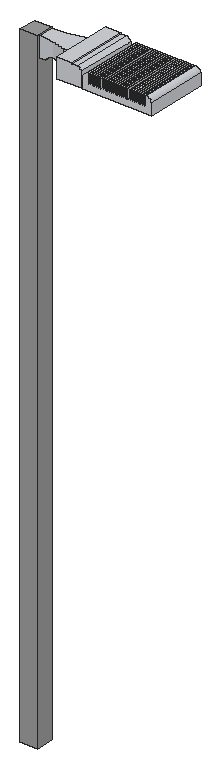
Revit family "MT", category Lighting Fixtures, Revit 2022
Family settings
  Round Connector Dimension = Use Diameter
  Part Type = Normal
  OmniClass Number = 23.80.70.00
  OmniClass Title = Lighting
  Work Plane-Based = No
  Always vertical = Yes
  Cut with Voids When Loaded = No
  Light Source = Yes
  Maintain Annotation Orientation = No
  Shared = No
  Room Calculation Point = No
Parameters (values of type "MT-150W-4000K-VW")
  Wattage Comments = "150W"
  Wattage = 127.264 W
  built-in parameter 1150110 = 1 (stored number, unit not read)
  URL = "https://www.abovealllighting.com/Product/LED-OUTDOOR-FIXTURES/LED-Area-Light/MTLEDAreaLight100W150W200W.html"
  built-in parameter 1114217 = 1 (stored number, unit not read)
  Tilt Angle = 90.00°
  built-in parameter 1150109 = 1 (stored number, unit not read)
  built-in parameter 1150134 = 12
  built-in parameter 1150113 = 1 (stored number, unit not read)
  Power Factor = "0.9"
  Pole Height [instance] = 12' - 0"
  Photometric Web File = "MT150401-VW_IESNA95.IES"
  Model = "MT150401-VW"
  Manufacturer = "Above All Lighting"  # constant formula
  built-in parameter 1150105 = 6106.3 (stored number, unit not read)
  Lumens = 18904 lm
  built-in parameter 1150115 = 1 (stored number, unit not read)
  Load Classification = Lighting
  Light Source [instance] = Pole Height - 0' 3 35/64"  # 11' - 8 29/64"
  built-in parameter 1150137 = (empty or 0)
  built-in parameter 1150139 = (empty or 0)
  built-in parameter 1150112 = 1 (stored number, unit not read)
  built-in parameter 1150114 = 1 (stored number, unit not read)
  Lamp = "LED"
  Input Voltage = "120-277V"
  built-in parameter 1150132 = 2
  built-in parameter 1150102 = (empty or 0)
  built-in parameter 1150107 = 4000 (stored number, unit not read)
  built-in parameter 1150138 = (empty or 0)
  built-in parameter 1150106 = 61.063 (stored number, unit not read)
  built-in parameter 1150104 = 13.8 (stored number, unit not read)
  Dimming Lamp Color Temperature Shift = <None>
  Default Elevation = 0' - 0"
  Color Filter = 16777215
  CRI = "70"
  built-in parameter 1114218 = 1 (stored number, unit not read)
  built-in parameter 1150133 = 10 (stored number, unit not read)
Types (6): name | Wattage Comments | Wattage | Photometric Web File | Model | built-in parameter 1150105 | Lumens | built-in parameter 1150106
  (no name) | "150W" | 127.264 W | "MT150401-VW_IESNA95.IES" | "MT150401-VW" | 6106.3 (stored number, unit not read) | 18904 lm | 61.063 (stored number, unit not read)
  MT-100W-4000K-IV | "100W" | 87.5039 W | "MT100401-IV_IESNA2002.IES" | "MT100401-IV" | 6097.1 (stored number, unit not read) | 12998 lm | 60.971 (stored number, unit not read)
  MT-150W-4000K-IV | "150W" | 117.058 W | "MT150401-IV_IESNA2002.IES" | "MT150401-IV" | 8042.8 (stored number, unit not read) | 17388 lm | 80.428 (stored number, unit not read)
  MT-150W-4000K-VW | "150W" | 127.264 W | "MT150401-VW_IESNA95.IES" | "MT150401-VW" | 6106.3 (stored number, unit not read) | 18904 lm | 61.063 (stored number, unit not read)
  MT-150W-4000K-VM | "150W" | 117.206 W | "MT150401-VM_IESNA2002.IES" | "MT150401-VM" | 7704.7 (stored number, unit not read) | 17410 lm | 77.047 (stored number, unit not read)
  MT-150W-4000K-III | "150W" | 127.237 W | "MT150401-III_IESNA2002.IES" | "MT150401-III" | 8742.2 (stored number, unit not read) | 18900 lm | 87.422 (stored number, unit not read)
Reference planes (in)
  plane 1 "Light Source Axis (F/B)": y = 0
  plane 2: z = 0
  plane 3 "Light Source Axis (L/R)": x = 0
  plane 4 "Light Source Elevation": z = 140.45312
Forms (in)
  Extrusion 1, solid, material "Default"
    sketch origin (0, 0, 0) x (1, 0, 0) y (0, 1, 0)
      loop
        line (-21.79434, 2) -> (-25.79434, 2) -> (-25.79434, -2) -> (-21.79434, -2) -> (-21.79434, 2)
    from 0 to 144
Dimensions and locks (in)
  "Pole Height": Extrusion 1 to Extrusion 1
  "Light Source": plane 4 "Light Source Elevation" to level
  aligned and locked: level to plane 2
  aligned and locked: Extrusion 1 to nested 1  (x2)
  aligned and locked: plane 4 "Light Source Elevation" to imposter light
  aligned and locked: level to Extrusion 1
  aligned and locked: plane 4 "Light Source Elevation" to nested 1
  aligned and locked: nested 1 to Extrusion 1
Automatic sketch dimensions
  Extrusion 1 sketch curve to plane 1 "Light Source Axis (F/B)" = 0' - 2"
  Extrusion 1 sketch curve to plane 3 "Light Source Axis (L/R)" = 2' - 1.79434"
  plane 1 "Light Source Axis (F/B)" to Extrusion 1 sketch curve = 0' - 2"
  Extrusion 1 sketch curve to Extrusion 1 sketch curve = 0' - 4"
Nested families (in)
  nested 1: "Lighting Fixture Line-base" at (-21.79434, 0, 144.83701) x (1, 0, 0) z (0, 0, -1), type "Lighting Fixture Line-base"
    with built-in parameter 1001306 2.5833 (stored number, unit not read)
Definition of nested family "Lighting Fixture Line-base"
  Parameters (values of type "Lighting Fixture Line-base")
    Power Factor = ""
    Manufacturer = "Above All Lighting"
    Load Classification = none
    built-in parameter 1001306 [instance] = 4' - 0"
    Input Voltage = ""
    IP Rating = ""
    Default Elevation = 0' - 0"
    CRI = ""
  Reference planes (in)
    plane 1 "Center (Front/Back)": y = 0
    plane 2: z = 0
    plane 3 "Left": x = 0
    plane 4 "Right": x = 48
    plane 5: y = 6.9
    plane 6: y = -6.9
    plane 7: x = 29.5
    plane 8: z = 5.34
  Forms (in)
    Extrusion 1, solid
      sketch origin (0, 6.9, 0) x (1, 0, 0) y (0, 0, 1)
        loop
          line (0, 5.34) -> (0, 0.84) -> (8, 0.84) -> (8, 0.34) -> (8.25, 0.34) -> (8.25, 0) -> (11.5, 0) -> (11.5, 0.25) -> (13, 0.25) -> (13.75, 1) -> (13.75, 2.38388) -> (14, 2.38388)
          arc (14, 2.38388) -> (14.31422, 1.44478) -> (15.13033, 0.88388) r 1.56045
          line (15.13033, 0.88388) -> (28.44969, 0.88388)
          arc (28.44969, 0.88388) -> (29.12875, 1.20642) -> (29.5, 1.86012) r 1.25
          line (29.5, 1.86012) -> (29.5, 4.38388) -> (14, 4.38388) -> (14, 4.13388) -> (13.75, 4.13388) -> (13.75, 4.38388) -> (8.25, 4.38388) -> (8.25, 4.13388) -> (3.25, 4.13388)
          arc (3.25, 4.13388) -> (2.18731, 4.46462) -> (1.5, 5.34) r 1.87263
          line (1.5, 5.34) -> (0, 5.34)
      from 0 to 13.8
    Extrusion 2, void
      sketch origin (0, 0, 0) x (1, 0, 0) y (0, 1, 0)
        loop
          line (0, 6.9) -> (0, 1.65)
          arc (0, 1.65) -> (3.25466, 1.90791) -> (6.40125, 2.77871) r 17.12767
          line (6.40125, 2.77871) -> (8, 2.77871) -> (8, 6.27871) -> (8.25, 6.27871) -> (8.25, 6.9) -> (0, 6.9)
        loop
          line (0, -6.9) -> (8.25, -6.9) -> (8.25, -6.27871) -> (8, -6.27871) -> (8, -2.77871) -> (6.40125, -2.77871)
          arc (6.40125, -2.77871) -> (3.25466, -1.90791) -> (0, -1.65) r 17.12767
          line (0, -1.65) -> (0, -6.9)
        loop
          line (13.75, -6.9) -> (14, -6.9) -> (14, -6.27871) -> (13.75, -6.27871) -> (13.75, -6.9)
        loop
          line (13.75, 6.9) -> (13.75, 6.27871) -> (14, 6.27871) -> (14, 6.9) -> (13.75, 6.9)
      from 0 to 5.34
    Extrusion 3, void
      sketch origin (0, 0, 3.38388) x (1, 0, 0) y (0, 1, 0)
        loop
          line (15.54434, 5.84492) -> (15.54434, -5.84492) -> (28.04434, -5.84492) -> (28.04434, 5.84492) -> (15.54434, 5.84492)
      from 0 to 1
    Extrusion 4, void
      sketch origin (0, 0, 0) x (1, 0, 0) y (0, 0, 1)
        loop
          line (15.37235, 2.88388) -> (15.37235, 0.88388) -> (15.62235, 0.88388) -> (15.62235, 2.88388) -> (15.37235, 2.88388)
        loop
          line (15.8411, 2.88388) -> (15.8411, 0.88388) -> (16.0911, 0.88388) -> (16.0911, 2.88388) -> (15.8411, 2.88388)
        loop
          line (16.30985, 2.88388) -> (16.30985, 0.88388) -> (16.55985, 0.88388) -> (16.55985, 2.88388) -> (16.30985, 2.88388)
        loop
          line (16.7786, 2.88388) -> (16.7786, 0.88388) -> (17.0286, 0.88388) -> (17.0286, 2.88388) -> (16.7786, 2.88388)
        loop
          line (17.24735, 2.88388) -> (17.24735, 0.88388) -> (17.49735, 0.88388) -> (17.49735, 2.88388) -> (17.24735, 2.88388)
        loop
          line (17.7161, 2.88388) -> (17.7161, 0.88388) -> (17.9661, 0.88388) -> (17.9661, 2.88388) -> (17.7161, 2.88388)
        loop
          line (18.18485, 2.88388) -> (18.18485, 0.88388) -> (18.43485, 0.88388) -> (18.43485, 2.88388) -> (18.18485, 2.88388)
        loop
          line (18.6536, 2.88388) -> (18.6536, 0.88388) -> (18.9036, 0.88388) -> (18.9036, 2.88388) -> (18.6536, 2.88388)
        loop
          line (19.12235, 2.88388) -> (19.12235, 0.88388) -> (19.37235, 0.88388) -> (19.37235, 2.88388) -> (19.12235, 2.88388)
        loop
          line (19.5911, 2.88388) -> (19.5911, 0.88388) -> (19.8411, 0.88388) -> (19.8411, 2.88388) -> (19.5911, 2.88388)
        loop
          line (20.05985, 2.88388) -> (20.05985, 0.88388) -> (20.30985, 0.88388) -> (20.30985, 2.88388) -> (20.05985, 2.88388)
        loop
          line (20.5286, 2.88388) -> (20.5286, 0.88388) -> (20.7786, 0.88388) -> (20.7786, 2.88388) -> (20.5286, 2.88388)
        loop
          line (20.99735, 2.88388) -> (20.99735, 0.88388) -> (21.24735, 0.88388) -> (21.24735, 2.88388) -> (20.99735, 2.88388)
        loop
          line (21.4661, 2.88388) -> (21.4661, 0.88388) -> (21.7161, 0.88388) -> (21.7161, 2.88388) -> (21.4661, 2.88388)
        loop
          line (21.93485, 2.88388) -> (21.93485, 0.88388) -> (22.18485, 0.88388) -> (22.18485, 2.88388) -> (21.93485, 2.88388)
        loop
          line (22.4036, 2.88388) -> (22.4036, 0.88388) -> (22.6536, 0.88388) -> (22.6536, 2.88388) -> (22.4036, 2.88388)
        loop
          line (22.87235, 2.88388) -> (22.87235, 0.88388) -> (23.12235, 0.88388) -> (23.12235, 2.88388) -> (22.87235, 2.88388)
        loop
          line (23.3411, 2.88388) -> (23.3411, 0.88388) -> (23.5911, 0.88388) -> (23.5911, 2.88388) -> (23.3411, 2.88388)
        loop
          line (23.80985, 2.88388) -> (23.80985, 0.88388) -> (24.05985, 0.88388) -> (24.05985, 2.88388) -> (23.80985, 2.88388)
        loop
          line (24.2786, 2.88388) -> (24.2786, 0.88388) -> (24.5286, 0.88388) -> (24.5286, 2.88388) -> (24.2786, 2.88388)
        loop
          line (24.74735, 2.88388) -> (24.74735, 0.88388) -> (24.99735, 0.88388) -> (24.99735, 2.88388) -> (24.74735, 2.88388)
        loop
          line (25.2161, 2.88388) -> (25.2161, 0.88388) -> (25.4661, 0.88388) -> (25.4661, 2.88388) -> (25.2161, 2.88388)
        loop
          line (25.68485, 2.88388) -> (25.68485, 0.88388) -> (25.93485, 0.88388) -> (25.93485, 2.88388) -> (25.68485, 2.88388)
        loop
          line (26.1536, 2.88388) -> (26.1536, 0.88388) -> (26.4036, 0.88388) -> (26.4036, 2.88388) -> (26.1536, 2.88388)
        loop
          line (26.62235, 2.88388) -> (26.62235, 0.88388) -> (26.87235, 0.88388) -> (26.87235, 2.88388) -> (26.62235, 2.88388)
        loop
          line (27.0911, 2.88388) -> (27.0911, 0.88388) -> (27.3411, 0.88388) -> (27.3411, 2.88388) -> (27.0911, 2.88388)
        loop
          line (27.55985, 2.88388) -> (27.55985, 0.88388) -> (27.80985, 0.88388) -> (27.80985, 2.88388) -> (27.55985, 2.88388)
        loop
          line (28.0286, 2.88388) -> (28.0286, 0.88388) -> (28.2786, 0.88388) -> (28.2786, 2.88388) -> (28.0286, 2.88388)
      from -6.9 to 6.9
    Extrusion 5, void
      sketch origin (0, 0, 0) x (1, 0, 0) y (0, 1, 0)
        loop
          line (13.75, 5.46206) -> (8.5, 5.46206) -> (8.5, 5.21206) -> (13.75, 5.21206) -> (13.75, 5.46206)
        loop
          line (13.75, 4.92952) -> (8.5, 4.92952) -> (8.5, 4.67952) -> (13.75, 4.67952) -> (13.75, 4.92952)
        loop
          line (13.75, 4.39698) -> (8.5, 4.39698) -> (8.5, 4.14698) -> (13.75, 4.14698) -> (13.75, 4.39698)
        loop
          line (13.75, 3.86445) -> (8.5, 3.86445) -> (8.5, 3.61445) -> (13.75, 3.61445) -> (13.75, 3.86445)
        loop
          line (13.75, 3.33191) -> (8.5, 3.33191) -> (8.5, 3.08191) -> (13.75, 3.08191) -> (13.75, 3.33191)
        loop
          line (13.75, 2.79937) -> (8.5, 2.79937) -> (8.5, 2.54937) -> (13.75, 2.54937) -> (13.75, 2.79937)
        loop
          line (13.75, 2.26684) -> (8.5, 2.26684) -> (8.5, 2.01684) -> (13.75, 2.01684) -> (13.75, 2.26684)
        loop
          line (13.75, 1.7343) -> (8.5, 1.7343) -> (8.5, 1.4843) -> (13.75, 1.4843) -> (13.75, 1.7343)
        loop
          line (13.75, 1.20176) -> (8.5, 1.20176) -> (8.5, 0.95176) -> (13.75, 0.95176) -> (13.75, 1.20176)
        loop
          line (13.75, 0.66923) -> (8.5, 0.66923) -> (8.5, 0.41923) -> (13.75, 0.41923) -> (13.75, 0.66923)
        loop
          line (13.75, 0.13669) -> (8.5, 0.13669) -> (8.5, -0.11331) -> (13.75, -0.11331) -> (13.75, 0.13669)
        loop
          line (13.75, -0.39585) -> (8.5, -0.39585) -> (8.5, -0.64585) -> (13.75, -0.64585) -> (13.75, -0.39585)
        loop
          line (13.75, -0.92838) -> (8.5, -0.92838) -> (8.5, -1.17838) -> (13.75, -1.17838) -> (13.75, -0.92838)
        loop
          line (13.75, -1.46092) -> (8.5, -1.46092) -> (8.5, -1.71092) -> (13.75, -1.71092) -> (13.75, -1.46092)
        loop
          line (13.75, -1.99346) -> (8.5, -1.99346) -> (8.5, -2.24346) -> (13.75, -2.24346) -> (13.75, -1.99346)
        loop
          line (13.75, -2.52599) -> (8.5, -2.52599) -> (8.5, -2.77599) -> (13.75, -2.77599) -> (13.75, -2.52599)
        loop
          line (13.75, -3.05853) -> (8.5, -3.05853) -> (8.5, -3.30853) -> (13.75, -3.30853) -> (13.75, -3.05853)
        loop
          line (13.75, -3.59107) -> (8.5, -3.59107) -> (8.5, -3.84107) -> (13.75, -3.84107) -> (13.75, -3.59107)
        loop
          line (13.75, -4.1236) -> (8.5, -4.1236) -> (8.5, -4.3736) -> (13.75, -4.3736) -> (13.75, -4.1236)
        loop
          line (13.75, -4.65614) -> (8.5, -4.65614) -> (8.5, -4.90614) -> (13.75, -4.90614) -> (13.75, -4.65614)
        loop
          line (13.75, -5.18868) -> (8.5, -5.18868) -> (8.5, -5.43868) -> (13.75, -5.43868) -> (13.75, -5.18868)
      from 1.47744 to 4.38388
  Cuts and joins
    Extrusion 2, Extrusion 3, Extrusion 4, Extrusion 5 cuts Extrusion 1
  Lines and regions (in)
    reference lines
      curve 1: line (0, 0, 0) -> (48, 0, 0)
  Dimensions and locks (in)
    "built-in parameter 1001306": plane 3 "Left" to plane 4 "Right"
    aligned and locked: plane 4 "Right" to curve 1
    aligned and locked: plane 1 "Center (Front/Back)" to curve 1
    aligned and locked: plane 3 "Left" to curve 1
    aligned and locked: level to plane 2
  Automatic sketch dimensions
    Extrusion 1 sketch curve to plane 3 "Left" = 0' - 0"
    Extrusion 1 sketch curve to plane 8 = 0' - 0"
    Extrusion 1 sketch curve to level = 0' - 0"
    Extrusion 1 sketch curve to plane 7 = 0' - 0"
    plane 3 "Left" to Extrusion 1 sketch curve = 0' - 1 1/2"
    Extrusion 1 sketch curve to plane 8 = 0' - 0.66651"
    Extrusion 1 sketch curve to Extrusion 1 sketch curve = 0' - 1 3/4"
    level to Extrusion 1 sketch curve = 0' - 0.34"
    Extrusion 1 sketch curve to Extrusion 1 sketch curve = 0' - 4 3/4"
    Extrusion 1 sketch curve to Extrusion 1 sketch curve = 0' - 0 1/4"  (x5)
    Extrusion 1 sketch curve to Extrusion 1 sketch curve = 0' - 3 1/4"
    level to Extrusion 1 sketch curve = 0' - 0 1/4"
    Extrusion 1 sketch curve to Extrusion 1 sketch curve = 0' - 1 1/2"
    Extrusion 1 sketch curve to Extrusion 1 sketch curve = 0' - 0 3/4"
    plane 8 to Extrusion 1 sketch curve = 0' - 0.95612"
    Extrusion 1 sketch curve to Extrusion 1 sketch curve = 0' - 0"  (x2)
    Extrusion 1 sketch curve to Extrusion 1 sketch curve = 0' - 1.38033"
    Extrusion 1 sketch curve to Extrusion 1 sketch curve = 0' - 1.56045"
    Extrusion 1 sketch curve to plane 7 = 0' - 1.22226"
    Extrusion 1 sketch curve to plane 7 = 0' - 1.05031"
    Extrusion 1 sketch curve to Extrusion 1 sketch curve = 0' - 0 1/2"
    level to Extrusion 1 sketch curve = 0' - 0.88388"
    level to Extrusion 1 sketch curve = 0' - 1"
    Extrusion 1 sketch curve to Extrusion 1 sketch curve = 0' - 0.97623"
    Extrusion 2 sketch curve to plane 3 "Left" = 0' - 0"  (x2)
    plane 5 to Extrusion 2 sketch curve = 0' - 0"  (x2)
    Extrusion 2 sketch curve to plane 6 = 0' - 0"  (x2)
    plane 3 "Left" to Extrusion 2 sketch curve = 0' - 0.28047"  (x2)
    plane 1 "Center (Front/Back)" to Extrusion 2 sketch curve = 0' - 2.77871"
    plane 3 "Left" to Extrusion 2 sketch curve = 0' - 6.40125"
    Extrusion 2 sketch curve to plane 1 "Center (Front/Back)" = 0' - 2.77871"
    Extrusion 2 sketch curve to Extrusion 2 sketch curve = 0' - 0"
    plane 6 to Extrusion 2 sketch curve = 0' - 0.62129"
    Extrusion 2 sketch curve to Extrusion 2 sketch curve = 0' - 1.59875"  (x2)
    Extrusion 2 sketch curve to Extrusion 2 sketch curve = 0' - 0 1/4"  (x4)
    Extrusion 2 sketch curve to Extrusion 2 sketch curve = 0' - 5 1/2"  (x2)
    plane 5 to Extrusion 2 sketch curve = 0' - 0.62129"  (x2)
    Extrusion 2 sketch curve to plane 6 = 0' - 11.87538"
    Extrusion 2 sketch curve to Extrusion 2 sketch curve = 0' - 0.62129"
    Extrusion 2 sketch curve to plane 1 "Center (Front/Back)" = 0' - 1.65"
    plane 6 to Extrusion 3 sketch curve = 0' - 1.05508"
    Extrusion 3 sketch curve to plane 7 = 1' - 1.95566"
    Extrusion 3 sketch curve to plane 7 = 0' - 1.45566"
    plane 5 to Extrusion 3 sketch curve = 0' - 1.05508"
    level to Extrusion 4 sketch curve = 0' - 0.88388"  (x3)
    Extrusion 4 sketch curve to plane 7 = 1' - 2.12765"
    Extrusion 4 sketch curve to Extrusion 4 sketch curve = 0' - 0 1/4"  (x28)
    Extrusion 4 sketch curve to Extrusion 4 sketch curve = 0' - 0 7/32"  (x27)
    Extrusion 4 sketch curve to Extrusion 4 sketch curve = 0' - 0"  (x52)
    Extrusion 4 sketch curve to Extrusion 4 sketch curve = 0' - 2"
    plane 1 "Center (Front/Back)" to Extrusion 5 sketch curve = 0' - 0.11331"
    plane 3 "Left" to Extrusion 5 sketch curve = 0' - 8 1/2"
    plane 5 to Extrusion 5 sketch curve = 0' - 1.43794"
    Extrusion 5 sketch curve to Extrusion 5 sketch curve = 0' - 0"  (x40)
    plane 6 to Extrusion 5 sketch curve = 0' - 1.71132"
    Extrusion 5 sketch curve to plane 1 "Center (Front/Back)" = 0' - 0.13669"
    Extrusion 5 sketch curve to Extrusion 5 sketch curve = 0' - 5 1/4"
    Extrusion 5 sketch curve to Extrusion 5 sketch curve = 0' - 0 1/4"  (x20)
    Extrusion 5 sketch curve to Extrusion 5 sketch curve = 0' - 0.28254"  (x18)
